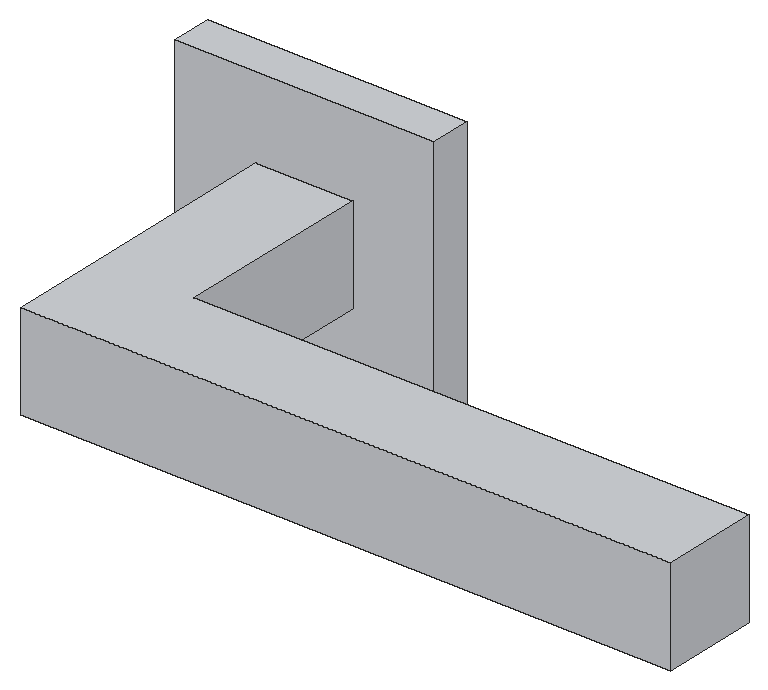
Revit family "DSQ901", category Generic Models, Revit 2013
Reference planes
  plane 1 "Center (Front/Back)": y = 0
  plane 2: z = 0
  plane 3 "Center (Left/Right)": x = 0
Forms (mm)
  Sweep 1, solid
    path origin (0, -0.937, 0) x (1, 0, 0) y (0, 1, 0)
      loop
        line (0, -0.016) -> (0, -39) -> (109, -39)
    profile origin (0, -20.445, 0) x (1, 0, 0) y (0, 0, 1)
      loop
        line (-19, -9.5) -> (0, -9.5) -> (0, 9.5) -> (-19, 9.5) -> (-19, -9.5)
  Extrusion 2, solid
    sketch origin (1524, 7.062, 1219.2) x (1, 0, 0) y (0, 0, 1)
      loop
        line (-1559, -1193.7) -> (-1559, -1244.7) -> (-1508, -1244.7) -> (-1508, -1193.7) -> (-1559, -1193.7)
    from 0 to 8.016
Lines and regions (mm)
  model lines
    curve 1: line (-27, -0.953, 17.5) -> (8, -0.953, 17.5)
    curve 2: line (-27, -0.953, -17.5) -> (-27, -0.953, 17.5)
    curve 3: line (8, -0.953, -17.5) -> (-27, -0.953, -17.5)
    curve 4: line (8, -0.953, 17.5) -> (8, -0.953, -17.5)
Dimensions and locks
  Sweep 1 to Sweep 1 = 19 mm  (x2)
  Sweep 1 to Sweep 1 = 128 mm  (x2)
  Sweep 1 to Extrusion 2 = 57.984 mm
  Extrusion 2 to Extrusion 2 = 51 mm  (x3)
  Extrusion 2 to Extrusion 2 = 8.016 mm
  aligned and locked: plane 2 to level
  aligned and locked: Extrusion 2 to Sweep 1
